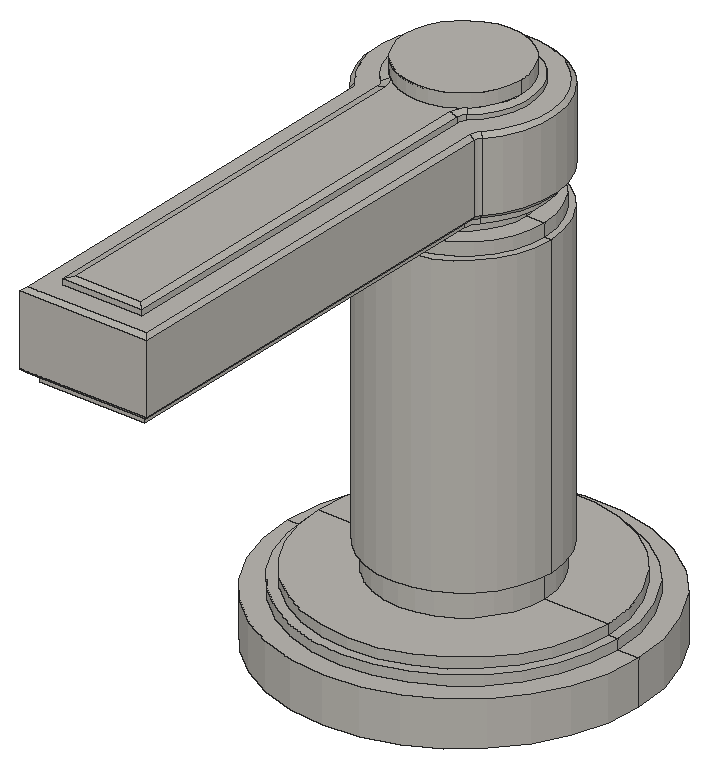
Revit family "Faucet-Handle-KALLISTA-Vir_Stil-P80252_1", category Plumbing Fixtures, host Face, Revit 2021
Family settings
  Host = Face
  Round Connector Dimension = Use Diameter
  Part Type = Normal
  OmniClass Number = 23.31.11.00
  OmniClass Title = Faucets
  Cut with Voids When Loaded = No
  Shared = No
  Room Calculation Point = No
Parameters (values of type "BN-Brushed Nickel")
  Width = 2 1/2"  # constant formula
  WaterSense Certified = 1 = 0  # no
  Waste Water Outlet = "Waste Water Outlet"  # constant formula
  Waste Connection = 1 = 0  # no
  Vent Connection = 1 = 0  # no
  URL = "https://www.kallista.com/"
  Type = 4
  Tempered Water Inlet = "Tempered Water Inlet"  # constant formula
  Product Page URL = ""
  Product Name = "Vir Stil"  # constant formula
  Product Documentation Link = ""
  Pressure = 0.00 psi
  Model = if(Type = 1, "P80252-LV-CP", if(Type = 2, "P80252-LV-SN", if(Type = 3, "P80252-LV-BAF", if(Type = 4, "P80252-LV-BN", "NA"))))  # "P80252-LV-BN"
  Material = "Premium Metal Construction"  # constant formula
  Master Format 2014 Name = "Residential Faucets, Supplies, and Trim"  # constant formula
  Master Format 2014 = "22 41 39"  # constant formula
  Manufacturer Address = "KOHLER Co. 444 Highland Dr. Kohler, WI 53044"  # constant formula
  Manufacturer = "Kallista Co."  # constant formula
  Length = 3.37402"  # constant formula
  Hot Water Inlet = "Hot Water Inlet"  # constant formula
  Height = 3.70472"  # constant formula
  Handle Clearance = Length  # 3.37402"
  HW Connection = 1 = 1  # yes
  Flow Rate = 0 GPM
  Finish = Kallista-Metal-BN-Brushed_Nickel
  Environmental Product Declaration = ""
  Drain Included = 1 = 0  # no
  Description = "Vir Stil Deck Mount Bath Diverter"  # constant formula
  Default Elevation = 36"
  Declare Label = ""
  Date Modified = "10/27/2023"  # constant formula
  Date Created = "10/27/2023"  # constant formula
  Copyright = "Copyright Kallista Co."  # constant formula
  Contact Us = "https://www.kallista.com/corporate/contact-us/"
  Cold Water Inlet = "Cold Water Inlet"  # constant formula
  CW Connection = 1 = 0  # no
  Assembly Code = "D2010"
  ADA Compliant = 1 = 0  # no
Types (5): name | Type | Model | Finish
  (no name) | 4 | "P80252-LV-BN" | Kallista-Metal-BN-Brushed_Nickel
  CP-Chrome | 1 | "P80252-LV-CP" | Kallista-Metal-CP-Chrome
  SN-Polished Nickel | 2 | "P80252-LV-SN" | Kallista-Metal-SN-Polished_Nickel
  BAF-Brushed French Gold | 3 | "P80252-LV-BAF" | Kallista-Metal-BAF-Brushed_French_Gold
  BN-Brushed Nickel | 4 | "P80252-LV-BN" | Kallista-Metal-BN-Brushed_Nickel
Reference planes (in)
  plane 1 "Center (Front/Back)": y = 0
  plane 2: z = 0
  plane 3 "Center (Left/Right)": x = 0
  plane 4: y = -3.37402
  plane 5: z = 3.70472
  plane 6: x = -1.25
  plane 7: x = 1.25
  plane 8: y = 1.25197
  plane 9: y = -1.25197
  plane 10: y = -1.25197
  plane 11: y = 0.62598
  plane 12: y = -0.62598
  plane 13: z = 0.45669
  plane 14: z = 3.61417
  plane 15: z = 2.93701
  plane 16: x = -0.62598
  plane 17: x = 0.62598
  plane 18: x = 0.45079
  plane 19: x = -0.45079
Dimensions and locks (in)
  "Length": plane 1 "Center (Front/Back)" to plane 4
  "Height": level to plane 5
  "Width": plane 6 to plane 7
  plane 15 to plane 14 = 0.67717"
  plane 8 to plane 4 = 4.62598"
  level to plane 13 = 0.45669"
  level to plane 15 = 2.93701"
  plane 16 to plane 17 = 1.25197"
  plane 8 to plane 10 = 2.50394"
  plane 1 "Center (Front/Back)" to plane 4 = 3.37402"
  plane 19 to plane 18 = 0.90157"
  aligned and locked: plane 2 to host face
  aligned and locked: level to host face
Automatic sketch dimensions
  host sketch curve to host sketch curve = 96"  (x2)
Nested families (in)
  nested 1: "P80252" at (0, 0, 0), type "P80252"
Connectors (in)
  piping at (0, 0, 0), diameter 0.75, driven by "HW Connection", driven by "Tempered Water Inlet"
    settings: on nested 1, index 1, connector inside diameter 24", connector length 0", flow factor 0, pipe flow 0 GPM, pressure drop 0.00 psi, fitting loss kfactor 0, connector angle 0.00°, fixture units 0, engagement length 0", angle of deflection 0.00°, flow configuration 0, flow direction 1, fitting loss method 0, system type 19, joint type 0, gender type 0, connector reference index -1, connector utility 1, adjustable connector no, is connector primary yes, connector description "Tempered Water Inlet"
Definition of nested family "P80252"
  Parameters
    Material = none
    Default Elevation = 0"
  Reference planes (in)
    plane 1 "Center (Front/Back)": y = 0
    plane 2: z = 0
    plane 3 "Center (Left/Right)": x = 0
    plane 4: x = -0.45079
    plane 5: x = 0.45079
    plane 6: x = 0.62598
    plane 7: x = -0.62598
    plane 8: z = 3.70472
    plane 9: y = 1.25197
    plane 10: y = -3.37402
    plane 11: y = -1.25197
    plane 12: z = 0.45669
    plane 13: z = 2.93701
    plane 14: z = 3.61417
    plane 15: x = 1.25
    plane 16: x = -1.25
    plane 17: y = 0.62598
    plane 18: y = -0.62598
  Forms (in)
    Sweep 1, solid, material <- "Material", detail levels medium+fine
      path origin (0, 0, 0) x (1, 0, 0) y (0, 1, 0)
        loop
          arc (0.45079, -0.46889) -> (0.45527, -0.44482) -> (0.46811, -0.42397) r 0.06693
          arc (0.46811, -0.42397) -> (-0.00446, 0.63155) -> (-0.46207, -0.43054) r 0.63156
          arc (-0.46207, -0.43054) -> (-0.45371, -0.4438) -> (-0.45079, -0.4592) r 0.04205
          line (-0.45079, -0.4592) -> (-0.45079, -3.37402) -> (0.45079, -3.37402) -> (0.45079, -0.46889)
      profile origin (0.45079, -1.92146, 0) x (1, 0, 0) y (0, 0, 1)
        loop
          line (0, 3.53412) -> (-0.0278, 3.56192) -> (-0.33538, 3.56192) -> (-0.33538, 2.93637) -> (-0.10453, 2.93637) -> (-0.07544, 2.94962) -> (-0.07544, 3.01132) -> (-0.02958, 3.01132) -> (0, 3.04089) -> (0, 3.53412)
    Extrusion 2, solid, material <- "Material", detail levels medium+fine
      sketch origin (0, 0, 0) x (1, 0, 0) y (0, 1, 0)
        loop
          line (-0.20645, -3.12968) -> (0.20645, -3.12968) -> (0.20645, -0.46889)
          arc (0.20645, -0.46889) -> (0.22729, -0.35692) -> (0.28701, -0.25994) r 0.31127
          arc (0.28701, -0.25994) -> (-0.00274, 0.38722) -> (-0.28331, -0.26397) r 0.38723
          arc (-0.28331, -0.26397) -> (-0.22636, -0.3543) -> (-0.20645, -0.4592) r 0.28639
          line (-0.20645, -0.4592) -> (-0.20645, -3.12968)
      from 2.93637 to 3.56192
    Sweep 3, solid, material <- "Material", detail levels medium+fine
      path origin (0, 0, 0) x (1, 0, 0) y (0, 1, 0)
        loop
          line (0.28206, -3.20696) -> (0.28206, -0.40546)
          arc (0.28206, -0.40546) -> (0.28868, -0.37477) -> (0.30736, -0.34953) r 0.07449
          arc (0.30736, -0.34953) -> (-0.00008, 0.46545) -> (-0.30724, -0.34964) r 0.46545
          arc (-0.30724, -0.34964) -> (-0.28856, -0.37486) -> (-0.28194, -0.40553) r 0.07441
          line (-0.28194, -0.40553) -> (-0.28194, -3.20696) -> (0.28206, -3.20696)
      profile origin (0.28206, -1.80621, 0) x (-1, 0, 0) y (0, 0, 1)
        loop
          line (0.0008, 3.56192) -> (0.10415, 3.56192) -> (0.10415, 3.61069) -> (0.05229, 3.61069) -> (0.0008, 3.5955) -> (0.0008, 3.56192)
    Extrusion 4, solid, material <- "Material", detail levels medium+fine
      sketch origin (0, 0, 0) x (1, 0, 0) y (0, 1, 0)
        loop
          line (0.1904, -3.1153) -> (0.1904, -0.40546)
          arc (0.1904, -0.40546) -> (0.20516, -0.33699) -> (0.24683, -0.28069) r 0.16615
          arc (0.24683, -0.28069) -> (-0.00007, 0.37378) -> (-0.24673, -0.28078) r 0.37378
          arc (-0.24673, -0.28078) -> (-0.20505, -0.33707) -> (-0.19028, -0.40553) r 0.16607
          line (-0.19028, -0.40553) -> (-0.19028, -3.1153) -> (0.1904, -3.1153)
      from 3.56192 to 3.61069
    Extrusion 5, solid, material <- "Material", detail levels medium+fine
      sketch origin (0, 0, 0) x (1, 0, 0) y (0, 1, 0)
        loop
          circle (0, 0) r 0.41297
      from 3.61069 to 3.70447
    Revolve 6, solid, material <- "Material", detail levels medium+fine
      sketch origin (0, 0, 0) x (1, 0, 0) y (0, 0, 1)
        loop
          line (0, 2.91884) -> (-0.44918, 2.91884) -> (-0.44918, 2.84815) -> (-0.5783, 2.84815) -> (-0.5783, 2.7581) -> (-0.62598, 2.7581) -> (-0.62598, 0.64031) -> (-0.57767, 0.64031) -> (-0.57767, 0.45669) -> (-1.03054, 0.45669) -> (-1.03054, 0.38571) -> (-1.10038, 0.38571) -> (-1.10038, 0.31444) -> (-1.25, 0.31444) -> (-1.25, 0) -> (0, 0) -> (0, 2.91884)
        axis (0, 2.91884) -> (0, 0)
      angle from 0 to 360
    Revolve 7, solid, detail levels medium+fine
      sketch origin (0, 0, 0) x (0, 1, 0) y (0, 0, 1)
        loop
          line (0, 2.9498) -> (-0.30679, 2.9498) -> (-0.30679, 2.91582) -> (0, 2.91582) -> (0, 2.9498)
        axis (0, 2.91582) -> (0, 2.95519)
      angle from 0 to 360
    Revolve 8, solid, material <- "Material", detail levels coarse
      sketch origin (0, 0, 0) x (0, 1, 0) y (0, 0, 1)
        loop
          line (0, 0) -> (0, 2.93701) -> (-0.62598, 2.93701) -> (-0.62598, 0.45669) -> (-1.25197, 0.45669) -> (-1.25197, 0) -> (0, 0)
        axis (0, 0) -> (0, 2.93701)
      angle from 0 to 360
    Extrusion 9, solid, material <- "Material", detail levels coarse
      sketch origin (0, 0, 0) x (1, 0, 0) y (0, 1, 0)
        loop
          arc (0.45079, -0.46889) -> (0.45527, -0.44482) -> (0.46811, -0.42397) r 0.06693
          arc (0.46811, -0.42397) -> (-0.00446, 0.63155) -> (-0.46207, -0.43054) r 0.63156
          arc (-0.46207, -0.43054) -> (-0.45371, -0.4438) -> (-0.45079, -0.4592) r 0.04205
          line (-0.45079, -0.4592) -> (-0.45079, -3.37402) -> (0.45079, -3.37402) -> (0.45079, -0.46889)
      from 2.93501 to 3.61363
    Extrusion 10, solid, material <- "Material", detail levels coarse
      sketch origin (0, 0, 0) x (1, 0, 0) y (0, 1, 0)
        loop
          circle (0, 0) r 0.41297
      from 3.61363 to 3.70981
    Extrusion 11, solid, material <- "Material", detail levels medium+fine
      sketch origin (0, 0, 0) x (1, 0, 0) y (0, 1, 0)
        loop
          circle (0, 0) r 0.19685
      from 0 to 0.05054
  Cuts and joins
    joined: Extrusion 9, Extrusion 10
    joined: Sweep 3, Extrusion 4
  Lines and regions (in)
    Masking region 1
      outline origin (0, 0, 0) x (1, 0, 0) y (0, 1, 0)
        loop
          arc (0.45079, -1.16589) -> (0, 1.25) -> (-0.45079, -1.16589) r 1.25
          line (-0.45079, -1.16589) -> (-0.45079, -3.37402) -> (0.45079, -3.37402) -> (0.45079, -1.16589)
    Masking region 2
      outline origin (0, 0, 0) x (1, 0, 0) y (0, 0, 1)
        loop
          line (-1.25, 0) -> (1.25, 0) -> (1.25, 0.3154) -> (1.10215, 0.3154) -> (1.10215, 0.38389) -> (1.03246, 0.38389) -> (1.03246, 0.45669) -> (0.57707, 0.45669) -> (0.57707, 0.64112) -> (0.62598, 0.64112) -> (0.62598, 2.75768) -> (0.57838, 2.75768) -> (0.57838, 2.84756) -> (0.44954, 2.84756) -> (0.44954, 2.91717) -> (0.30512, 2.91717) -> (0.33151, 2.93497) -> (0.53099, 2.93497) -> (0.55822, 2.95007) -> (0.55822, 3.01104) -> (0.59198, 3.01104) -> (0.62598, 3.04165) -> (0.62598, 3.53131) -> (0.59415, 3.56314) -> (0.46583, 3.56314) -> (0.46583, 3.59639) -> (0.43251, 3.61122) -> (0.34497, 3.61122) -> (0.3763, 3.62103) -> (0.41199, 3.62103) -> (0.41199, 3.70472) -> (-0.41199, 3.70472) -> (-0.41199, 3.62103) -> (-0.3763, 3.62103) -> (-0.34497, 3.61122) -> (-0.43251, 3.61122) -> (-0.46583, 3.59639) -> (-0.46583, 3.56314) -> (-0.59415, 3.56314) -> (-0.62598, 3.53131) -> (-0.62598, 3.04165) -> (-0.59198, 3.01104) -> (-0.55822, 3.01104) -> (-0.55822, 2.95007) -> (-0.53099, 2.93497) -> (-0.33151, 2.93497) -> (-0.30512, 2.91717) -> (-0.44954, 2.91717) -> (-0.44954, 2.84756) -> (-0.57838, 2.84756) -> (-0.57838, 2.75768) -> (-0.62598, 2.75768) -> (-0.62598, 0.64112) -> (-0.57707, 0.64112) -> (-0.57707, 0.45669) -> (-1.03246, 0.45669) -> (-1.03246, 0.38389) -> (-1.10215, 0.38389) -> (-1.10215, 0.3154) -> (-1.25, 0.3154) -> (-1.25, 0)
    Masking region 3
      outline origin (0, 0, 0) x (0, 1, 0) y (0, 0, 1)
        loop
          line (-1.25197, 0) -> (1.25197, 0) -> (1.25197, 0.31637) -> (1.10024, 0.31637) -> (1.10024, 0.38682) -> (1.0287, 0.38682) -> (1.0287, 0.45669) -> (0.58004, 0.45669) -> (0.58004, 0.63769) -> (0.62598, 0.63769) -> (0.62598, 2.75869) -> (0.57826, 2.75869) -> (0.57826, 2.84884) -> (0.45041, 2.84884) -> (0.45041, 2.91686) -> (0.30535, 2.91686) -> (0.34024, 2.93701) -> (0.52762, 2.93701) -> (0.5617, 2.94941) -> (0.5617, 3.01159) -> (0.59509, 3.01159) -> (0.62598, 3.04249) -> (0.62598, 3.53194) -> (0.59457, 3.56336) -> (0.46779, 3.56336) -> (0.46779, 3.59677) -> (0.43765, 3.61417) -> (0.34381, 3.61417) -> (0.37377, 3.62109) -> (0.41097, 3.62109) -> (0.41097, 3.70537) -> (-0.41138, 3.70537) -> (-0.41138, 3.62129) -> (-0.37444, 3.62129) -> (-0.3435, 3.61417) -> (-3.17238, 3.61417) -> (-3.20746, 3.59782) -> (-3.20746, 3.56336) -> (-3.34465, 3.56336) -> (-3.37402, 3.53399) -> (-3.37402, 2.95046) -> (-3.34517, 2.93701) -> (-0.34024, 2.93701) -> (-0.30535, 2.91686) -> (-0.45041, 2.91686) -> (-0.45041, 2.84884) -> (-0.57826, 2.84884) -> (-0.57826, 2.75869) -> (-0.62598, 2.75869) -> (-0.62598, 0.63769) -> (-0.58004, 0.63769) -> (-0.58004, 0.45669) -> (-1.0287, 0.45669) -> (-1.0287, 0.38682) -> (-1.10024, 0.38682) -> (-1.10024, 0.31637) -> (-1.25197, 0.31637) -> (-1.25197, 0)
    symbolic lines, detail levels medium+fine
      curve 1: arc (0.47738, -0.39929, 0) -> (-0.00272, 0.62235, 0) -> (-0.47387, -0.40345, 0) r 0.62235
      curve 2: arc (0.45282, -0.37863, 0) -> (-0.00202, 0.59055, 0) -> (-0.45148, -0.38113, 0) r 0.59055
      curve 3: arc (0.29957, -0.3626, 0) -> (-0.00032, 0.47034, 0) -> (-0.29908, -0.36301, 0) r 0.47034
      curve 4: arc (0.29622, -0.3398, 0) -> (0.00095, 0.45079, 0) -> (-0.29766, -0.33854, 0) r 0.45079
      curve 5: circle (0, 0, 0) r 0.41444 normal (0, 0, 1)
      curve 6: arc (0.45079, -0.99846, 0) -> (0, 1.0955, 0) -> (-0.45079, -0.99846, 0) r 1.0955
      curve 7: arc (0.45079, -0.93069, 0) -> (0, 1.03412, 0) -> (-0.45079, -0.93069, 0) r 1.03412
      curve 8: line (0.45079, -1.16589, 0) -> (0.45079, -0.47252, 0)
      curve 9: line (0.42016, -3.34493, 0) -> (0.42016, -0.46866, 0)
      curve 10: arc (0.45079, -0.47252, 0) -> (0.45764, -0.43357, 0) -> (0.47738, -0.39929, 0) r 0.11414
      curve 11: arc (0.42016, -0.46866, 0) -> (0.42858, -0.42077, 0) -> (0.45282, -0.37863, 0) r 0.14042
      curve 12: line (-0.41993, -3.34493, 0) -> (0.42016, -3.34493, 0)
      curve 13: line (0.42016, -3.34493, 0) -> (0.45079, -3.37402, 0)
      curve 14: line (-0.41993, -3.34493, 0) -> (-0.41993, -0.46735, 0)
      curve 15: line (-0.45079, -0.46616, 0) -> (-0.45079, -1.16589, 0)
      curve 16: arc (-0.45148, -0.38113, 0) -> (-0.42807, -0.42145, 0) -> (-0.41993, -0.46735, 0) r 0.1336
      curve 17: arc (-0.47387, -0.40345, 0) -> (-0.45674, -0.43275, 0) -> (-0.45079, -0.46616, 0) r 0.09674
      curve 18: line (-0.41993, -3.34493, 0) -> (-0.45079, -3.37402, 0)
      curve 19: line (-0.28258, -0.39797, 0) -> (-0.28258, -3.2073, 0)
      curve 20: line (-0.28258, -3.2073, 0) -> (0.28216, -3.2073, 0)
      curve 21: line (0.28216, -3.2073, 0) -> (0.28216, -0.39957, 0)
      curve 22: arc (0.28216, -0.39957, 0) -> (0.28673, -0.37914, 0) -> (0.29957, -0.3626, 0) r 0.04796
      curve 23: arc (-0.29908, -0.36301, 0) -> (-0.28692, -0.37864, 0) -> (-0.28258, -0.39797, 0) r 0.0453
      curve 24: line (0.26712, -0.40377, 0) -> (0.26712, -3.19167, 0)
      curve 25: line (0.26712, -3.19167, 0) -> (-0.26595, -3.19167, 0)
      curve 26: line (-0.26595, -3.19167, 0) -> (-0.26595, -0.40863, 0)
      curve 27: arc (0.26712, -0.40377, 0) -> (0.27474, -0.36863, 0) -> (0.29622, -0.3398, 0) r 0.08487
      curve 28: arc (-0.29766, -0.33854, 0) -> (-0.27425, -0.37017, 0) -> (-0.26595, -0.40863, 0) r 0.09333
      curve 29: line (0.34497, 0, 3.61122) -> (0.3763, 0, 3.62103)
      curve 30: line (0.3763, 0, 3.62103) -> (0.41199, 0, 3.62103)
      curve 31: line (-1.10215, 0, 0.3154) -> (1.10215, 0, 0.3154)
      curve 32: line (-1.03246, 0, 0.38389) -> (1.03246, 0, 0.38389)
      curve 33: line (-0.57707, 0, 0.45669) -> (0.57707, 0, 0.45669)
      curve 34: line (-0.57707, 0, 0.64112) -> (0.57707, 0, 0.64112)
      curve 35: line (-0.57838, 0, 2.75768) -> (0.57838, 0, 2.75768)
      curve 36: line (-0.44954, 0, 2.84756) -> (0.44954, 0, 2.84756)
      curve 37: line (-0.30512, 0, 2.91717) -> (0.30512, 0, 2.91717)
      curve 38: line (-0.33151, 0, 2.93497) -> (0.33151, 0, 2.93497)
      curve 39: line (-0.55822, 0, 2.95007) -> (0.55822, 0, 2.95007)
      curve 40: line (-0.37407, 0, 2.95007) -> (-0.37407, 0, 3.01104)
      curve 41: line (-0.37407, 0, 3.01104) -> (-0.55822, 0, 3.01104)
      curve 42: line (-0.62598, 0, 3.04165) -> (-0.44954, 0, 3.04165)
      curve 43: line (-0.44954, 0, 3.04165) -> (-0.44954, 0, 3.53131)
      curve 44: line (-0.44954, 0, 3.04165) -> (-0.41892, 0, 3.01104)
      curve 45: line (-0.62598, 0, 3.53131) -> (0.62598, 0, 3.53131)
      curve 46: line (-0.44954, 0, 3.53131) -> (-0.4177, 0, 3.56314)
      curve 47: line (-0.46583, 0, 3.56314) -> (0.46583, 0, 3.56314)
      curve 48: line (-0.46583, 0, 3.59639) -> (-0.2817, 0, 3.59639)
      curve 49: line (-0.2817, 0, 3.59639) -> (-0.2817, 0, 3.56314)
      curve 50: line (-0.2817, 0, 3.59639) -> (-0.24838, 0, 3.61122)
      curve 51: line (0.34497, 0, 3.61122) -> (-0.34497, 0, 3.61122)
      curve 52: line (-0.3763, 0, 3.62103) -> (0.3763, 0, 3.62103)
      curve 53: line (0.28243, 0, 3.56314) -> (0.28243, 0, 3.59628)
      curve 54: line (0.28243, 0, 3.59628) -> (0.24887, 0, 3.61122)
      curve 55: line (0.28243, 0, 3.59628) -> (0.46431, 0, 3.59628)
      curve 56: line (0.37407, 0, 2.95007) -> (0.37407, 0, 3.01104)
      curve 57: line (0.37407, 0, 3.01104) -> (0.55822, 0, 3.01104)
      curve 58: line (0.62598, 0, 3.04165) -> (0.44954, 0, 3.04165)
      curve 59: line (0.44954, 0, 3.04165) -> (0.44954, 0, 3.53131)
      curve 60: line (0.44954, 0, 3.04165) -> (0.41892, 0, 3.01104)
      curve 61: line (0.44954, 0, 3.53131) -> (0.4177, 0, 3.56314)
      curve 62: line (0, -0.3435, 3.61417) -> (0, 0.34381, 3.61417)
      curve 63: line (0, -0.37444, 3.62129) -> (0, 0.37377, 3.62109)
      curve 64: line (0, 0.46779, 3.59677) -> (0, -3.20703, 3.59677)
      curve 65: line (0, -3.20746, 3.56336) -> (0, 0.46779, 3.56336)
      curve 66: line (0, 0.62472, 3.53321) -> (0, -3.37402, 3.53321)
      curve 67: line (0, -0.34024, 2.93701) -> (0, 0.34024, 2.93701)
      curve 68: line (0, -0.30535, 2.91686) -> (0, 0.30535, 2.91686)
      curve 69: line (0, -0.45041, 2.84884) -> (0, 0.45041, 2.84884)
      curve 70: line (0, -0.57826, 2.75869) -> (0, 0.57826, 2.75869)
      curve 71: line (0, 0.62472, 3.04123) -> (0, -3.37402, 3.04123)
      curve 72: line (0, 0.5617, 3.01159) -> (0, -3.37402, 3.01159)
      curve 73: line (0, -3.37402, 2.95046) -> (0, 0.5617, 2.95046)
      curve 74: line (0, -0.58004, 0.63769) -> (0, 0.58004, 0.63769)
      curve 75: line (0, -0.58004, 0.45669) -> (0, 0.58004, 0.45669)
      curve 76: line (0, -1.0287, 0.38682) -> (0, 1.0287, 0.38682)
      curve 77: line (0, -1.10024, 0.31637) -> (0, 1.10024, 0.31637)
  Dimensions and locks (in)
    plane 6 to plane 7 = 1.25197"
    plane 8 to level = 3.70472"  (x2)
    plane 9 to plane 11 = 2.50394"
    plane 12 to level = 0.45669"
    plane 9 to plane 10 = 4.62598"
    plane 9 to plane 1 "Center (Front/Back)" = 1.25197"
    plane 13 to level = 2.93701"
    plane 14 to plane 13 = 0.67717"
    plane 16 to plane 15 = 2 1/2"
    plane 11 to plane 9 = 2.50394"
    plane 4 to plane 5 = 0.90157"
    plane 10 to plane 1 "Center (Front/Back)" = 3.37402"
    aligned and locked: plane 2 to level
